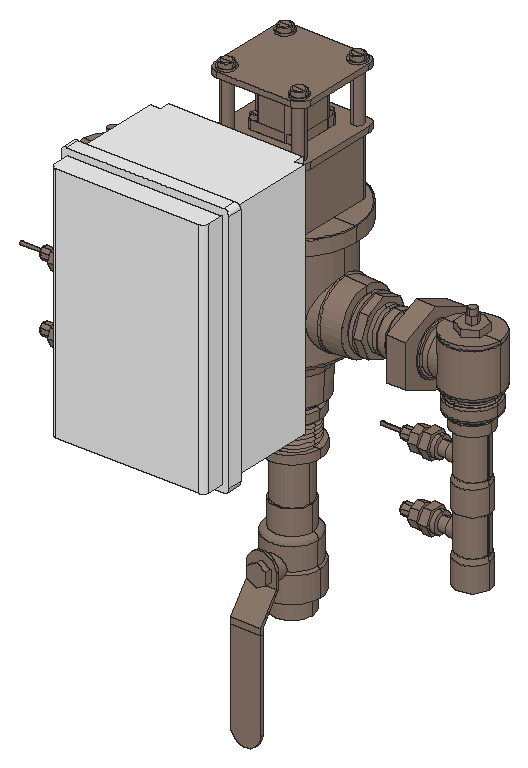
Revit family "Mixing_Valve-Leonard_Valve_Company-NV_150_LF", category Pipe Accessories, Revit 2015 (continued)
Definition of nested family "Valve-Ball_NV-150-LF_R1.500"
  Parameters (values of type "Valve-Ball_NV-150-LF_R1.500")
    Material = none
  Reference planes (in)
    plane 1 "Center (Front/Back)": y = 0
    plane 2: z = 0
    plane 3 "Center (Left/Right)": x = 0
    plane 4: z = -2.65924
    plane 5: z = 1.7775
    plane 6: y = -1.71263
    plane 7: y = -1.9851
    plane 8: x = -0.50867
    plane 9: x = 0.50867
    plane 10: y = -1.61563
    plane 11: z = -7.10186
    plane 12: y = -2.488
    plane 13: y = -2.585
    plane 14: z = -1.00013
    plane 15: z = -0.02214
    plane 16: z = -0.51114
    plane 17: z = -0.33084
    plane 18: x = 0.66752
    plane 19: x = -0.66752
  Forms (in)
    Revolve 1, solid, material <- "Material"
      sketch origin (0, 0, 0) x (0, 1, 0) y (0, 0, 1)
        loop
          line (-1.61563, -0.51114) -> (0, -0.51114) -> (0, 0.04183) -> (-1.49595, 0.04183) -> (-1.49595, -0.10898) -> (-1.61563, -0.10898) -> (-1.61563, -0.51114)
        axis (0, -0.51114) -> (-1.61563, -0.51114)
      angle from 0 to 360
    Sweep 2, solid, material <- "Material"
      path origin (0, 0, 0) x (0, 1, 0) y (0, 0, 1)
        loop
          line (-1.71263, 0) -> (-1.9851, 0)
      profile origin (0, -1.84886, 0) x (0, 0, -1) y (1, 0, 0)
        loop
          line (0.02214, 0) -> (0.26664, -0.42348) -> (0.75563, -0.42348) -> (1.00013, 0) -> (0.75563, 0.42348) -> (0.26664, 0.42348) -> (0.02214, 0)
    Sweep 3, solid, material <- "Material"
      path origin (0, 0, -0.33041) x (0, 1, 0) y (0, 0, 1)
        loop
          line (-1.61563, -0.00043) -> (-1.71263, -0.00043)
      profile origin (0, -1.66413, -0.33084) x (0, 0, -1) y (1, 0, 0)
        loop
          arc (0, 0.66752) -> (-0.66752, 0) -> (0, -0.66752) r 0.66752
          line (0, -0.66752) -> (0.66972, -0.66752) -> (0.66972, 0.66752) -> (0, 0.66752)
    Sweep 4, solid, material <- "Material"
      path origin (0, 0, -0.33041) x (0, 1, 0) y (0, 0, 1)
        loop
          line (-2.488, -2.08706) -> (-2.585, -2.08706)
      profile origin (0, -2.5365, -2.41747) x (0, 0, -1) y (1, 0, 0)
        loop
          line (0, 0.66752) -> (0, -0.66752) -> (4.02179, -0.66752)
          arc (4.02179, -0.66752) -> (4.68931, 0) -> (4.02179, 0.66752) r 0.66752
          line (4.02179, 0.66752) -> (0, 0.66752)
    Extrusion 5, solid, material <- "Material"
      sketch origin (0, 0, -0.33041) x (0, 1, 0) y (0, 0, 1)
        loop
          line (-1.61563, -0.66972) -> (-1.61563, -0.63726) -> (-1.71263, -0.63726) -> (-2.585, -1.79494) -> (-2.585, -2.08706) -> (-2.488, -2.08706) -> (-2.488, -1.8274) -> (-1.61563, -0.66972)
      from -0.66752 to 0.66752
    Revolve 6, solid, material <- "Material"
      sketch origin (0, 0, 0) x (1, 0, 0) y (0, 0, 1)
        loop
          line (0, 1.7775) -> (0, -2.65924) -> (0.89839, -2.65924) -> (0.89839, -1.8261) -> (1.25473, -1.8261) -> (1.25473, -0.69182)
          arc (1.25473, -0.69182) -> (1.18302, -0.65364) -> (1.15436, -0.57761) r 0.11516
          line (1.15436, -0.57761) -> (1.15436, 0.42741)
          arc (1.15436, 0.42741) -> (1.07939, 0.6084) -> (0.89839, 0.68337) r 0.25597
          line (0.89839, 0.68337) -> (0.89839, 1.7775) -> (0, 1.7775)
        axis (0, 1.7775) -> (0, -2.65924)
      angle from 0 to 360
  Cuts and joins
    joined: Sweep 3, Extrusion 5
  Lines and regions (in)
    model lines
      curve 1: line (0, -2.488, -2.08706) -> (0, -2.585, -2.08706)
  Dimensions and locks (in)
    aligned and locked: level to plane 2
    aligned and locked: plane 7 to Sweep 2 sketch curve
    aligned and locked: plane 6 to Sweep 2 sketch curve
    aligned and locked: Sweep 2 sketch curve to plane 2
    aligned and locked: plane 10 to Sweep 3 sketch curve
    aligned and locked: plane 6 to Sweep 3 sketch curve
    aligned and locked: plane 12 to Sweep 4 sketch curve
    aligned and locked: plane 13 to Sweep 4 sketch curve
    aligned and locked: plane 5 to Revolve 6 sketch curve
    aligned and locked: plane 3 "Center (Left/Right)" to Revolve 6 sketch curve
    aligned and locked: Revolve 6 sketch curve to plane 3 "Center (Left/Right)"
    aligned and locked: plane 4 to Revolve 6 sketch curve
    aligned and locked: Revolve 1 sketch curve to plane 16
    aligned and locked: plane 16 to Revolve 1 sketch curve
    aligned and locked: Revolve 1 sketch curve to plane 1 "Center (Front/Back)"
    aligned and locked: plane 10 to Revolve 1 sketch curve
    aligned and locked: Sweep 3 sketch curve to plane 17
    aligned and locked: Extrusion 5 sketch curve to plane 10
    aligned and locked: Extrusion 5 sketch curve to plane 13
    aligned and locked: Extrusion 5 sketch curve to plane 12
    aligned and locked: Sweep 4 sketch curve to plane 19
    aligned and locked: cut or joined group of Sweep 3, Extrusion 5 to plane 19
Types (2): name | Tee Fittings | NF-150-LF-IF-RTS Double Fittings
  NV-150-LF-IF-RTS | 7.55446" | yes
  NV-150-LF BASE | 0.5930" | no
